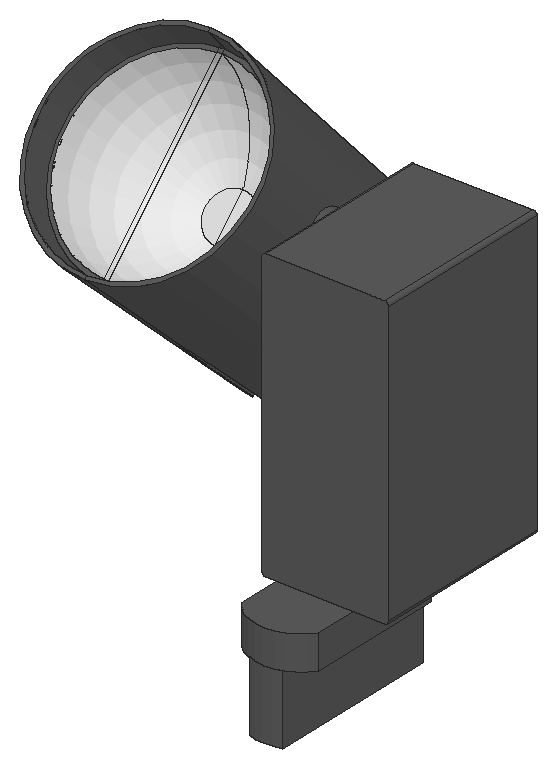
Revit family "0004897 Feilo Sylvania Lighting Fixture START TRACK SPOT S 14W 4K RA90 WB BLACK", category Lighting Fixtures, host Face, Revit 2017
Family settings
  Host = Face
  Round Connector Dimension = Use Diameter
  Part Type = Normal
  OmniClass Number = 23.80.70.00
  OmniClass Title = Lighting
  Cut with Voids When Loaded = No
  Light Source = No
  Shared = No
  Room Calculation Point = No
Parameters (values of type "0004897 START TRACK SPOT S 14W 4K RA90 WB BLACK")
  Weight = "0.94 kg"
  Wattage Comments = ""
  WarrantyStartDate [instance] = "n/a"
  WarrantyGuarantorParts = "n/a"
  WarrantyDurationUnit = "n/a"
  WarrantyDurationParts = "n/a"
  WarrantyDescription = "n/a"
  Voltage = 230 V
  URL = "http://www.sylvania-lighting.com"
  TypeName = "START TRACK SPOT S 14W 4K RA90 WB BLACK"
  TypeHead_FEILO = Start Track Spot Head : 0004897 START TRACK SPOT S 14W 4K RA90 WB BLACK
  TypeBox_FEILO = Start Track Spot Box : Type Small Black
  Type Image = <None>
  Type Comments = "n/a"
  VerticalRotation_FEILO [instance] = 0.00°
  SlideEndAngle_FEILO [instance] = VerticalRotation_FEILO + 180.00°  # 180.00°
  SerialNumber [instance] = "n/a"
  Material_3_FEILO = none
  PowerFactor = 0.92
  PowerConsumption = "14 W"
  NominalLength = 0 mm
  NominalHeight = 200 mm
  NominalDepth = 140 mm
  Name = "START TRACK SPOT S 14W 4K RA90 WB BLACK"
  ModelReference = Name  # "START TRACK SPOT S 14W 4K RA90 WB BLACK"
  ModelNumber = "0004897"
  Model = Name  # "START TRACK SPOT S 14W 4K RA90 WB BLACK"
  Material = "adc12 aluminium housing, polycarbonate diffuser"
  ManufacturerName = "Feilo Sylvania"
  Manufacturer = "Feilo Sylvania"
  LuminousEfficacy = "97 lm/W"
  LuminaireType = ""
  LightOutputRatio = "100"
  LampsType = Lamp  # "LED"
  LampNominalLuminous = "1352 lm"
  LampMacAdamStep = "3"
  LampColourTemperature = "4000 K"
  LampColourRenderingIndex = "90"
  Lamp = "LED"
  Keynote = "16500"
  InstallationDate [instance] = "n/a"
  InputVoltage = "230-240V~"
  InputNominalFrequency = "50/60 Hz"
  IngressProtection = "IP20"
  ImpactProtectionIndex = "IK02"
  IfcExportType = "IfcLightFixtureType"
  IfcExportAs = "IfcLightFixtureType"
  HorizontalRotation_FEILO [instance] = 45.00°
  ExpectedLife = 50000
  ElectricShockClassification = "Class II"
  DurationUnit = "hours"
  DocumentationLiterature = "http://www.sylvania-lighting.com/product/en-int/products/0004897"
  DimmingControlOptions = "Non dimmable"
  Material_2_FEILO = none
  Description = "Integrated LED spotlight, Textured Black - RAL9005, compact and minimalist design, ideal for retail applications, die-cast aluminium body, passive cooling heatsink. Beam angle: 64°, color temperature: 4000K , total system power: 14W, total fixture output: 1352 lm, LOR: 100%, colour rendering: Ra: 90 typical, LED Chromaticity: 3 step MacAdam ellipse, lifetime: >50000 hours at L70B50, energy class: A++, A+, A, IR/UV free light source without heat radiation, operating voltage: 220-240V / 50-60Hz, drive current: 350mA, electronic driver, non-dimmable, power factor: 0.92, electrical protection: Class II, Global Track 3 Phase adapter suitable for Global trac 3-circuit tracks, ingress protection rating: IP20, suitable for internal environment only, horizontal rotation: 355°, vertical tilt: 90°, dimensions: Ø86x140x200, weight: 0.940kg."
  Default Elevation = 1219.2 mm
  CreatedOn = "12/12/2017"
  CreatedBy = ""
  Cost = 0
  built-in parameter 1114216 [instance] = (empty or 0)
  ClassificationValue = "EF_70_80"
  ClassificationName = "Uniclass2015"
  Material_1_FEILO = Body-Sylvania-StartTrackSpot-Black
  BarCode [instance] = "n/a"
  AssetType = "Fixed"
  AssetIdentifier [instance] = "n/a"
  Assembly Code = "D5020200"
  Apparent Load = 14 VA
  Material_4_FEILO = none
Reference planes
  plane 1 "Center (Front/Back)": y = 0
  plane 2: z = 0
  plane 3 "Center (Left/Right)": x = 0
  plane 4: x = 15
  plane 5: x = -15
  plane 6: y = 35
  plane 7: y = -35
  plane 8: z = 13
  plane 9: z = -27
  plane 10: x = 6.5
  plane 11: x = -6.5
  plane 12: y = 27
  plane 13: y = -27
  plane 14: y = 20
Forms (mm)
  Extrusion 1, solid, material "Body-Sylvania-StartTrackSpot-Black" <- "Material_1_FEILO"
    sketch origin (0, 0, 0) x (1, 0, 0) y (0, 1, 0)
      loop
        line (-15, 27) -> (-15, -27)
        arc (-15, -27) -> (0, -35) -> (15, -27) r 18.062
        line (15, -27) -> (15, 27)
        arc (15, 27) -> (0, 35) -> (-15, 27) r 18.062
    from 0 to 13
  Extrusion 2, solid, material "Body-Sylvania-StartTrackSpot-Black" <- "Material_1_FEILO"
    sketch origin (0, 0, 0) x (1, 0, 0) y (0, 1, 0)
      loop
        arc (6.5, 33.79) -> (0, 35) -> (-6.5, 33.79) r 18.062
        line (-6.5, 33.79) -> (-6.5, -33.79)
        arc (-6.5, -33.79) -> (0, -35) -> (6.5, -33.79) r 18.062
        line (6.5, -33.79) -> (6.5, 33.79)
    from 0 to -27
  Revolve 3, solid, not visible
    sketch origin (1524, 20, 1219.2) x (1, 0, 0) y (0, 0, 1)
      loop
        line (-1524, -1206.2) -> (-1524, -1191.285) -> (-1530.5, -1191.285) -> (-1530.5, -1206.2) -> (-1524, -1206.2)
      axis (-1524, -1191.285) -> (-1524, -1206.2)
    angle from 0 <- "VerticalRotation_FEILO" to 180 <- "SlideEndAngle_FEILO"
Cuts and joins
  joined: Extrusion 1, Extrusion 2
Dimensions and locks
  equal spacing: plane 10, plane 3 "Center (Left/Right)", plane 11
  equal spacing: plane 4, plane 3 "Center (Left/Right)", plane 5
  locked: plane 8 to plane 2 at 13
  locked: plane 8 to plane 9 at 40
  equal spacing: plane 13, plane 1 "Center (Front/Back)", plane 12
  locked: plane 12 to plane 6 at 8
  locked: plane 14 to plane 6 at 15
  locked: Revolve 3 sketch curve to plane 8 at 14.915
  aligned and locked: plane 2 to host face
  aligned and locked: level to host face
  aligned and locked: plane 5 to Extrusion 1 sketch curve  (x2)
  aligned and locked: plane 12 to Extrusion 1 sketch curve
  aligned and locked: plane 13 to Extrusion 1 sketch curve
  aligned and locked: plane 4 to Extrusion 1 sketch curve
  aligned and locked: Extrusion 1 to plane 8
  aligned and locked: Extrusion 1 to level
  aligned and locked: Extrusion 2 sketch curve to Extrusion 1  (x2)
  aligned and locked: Extrusion 2 sketch curve to plane 11
  aligned and locked: plane 10 to Extrusion 2 sketch curve
  aligned and locked: plane 9 to Extrusion 2
  aligned and locked: level to Extrusion 2
  aligned and locked: Revolve 3 sketch curve to plane 3 "Center (Left/Right)"  (x2)
  aligned and locked: plane 11 to Revolve 3 sketch curve
  aligned and locked: Revolve 3 sketch curve to plane 8
Automatic sketch dimensions
  host sketch curve to host sketch curve = 2438.4 mm  (x2)
  Extrusion 1 sketch curve to plane 3 "Center (Left/Right)" = 0 mm  (x2)
  Extrusion 1 sketch curve to plane 13 = 10.062 mm
  plane 12 to Extrusion 1 sketch curve = 10.062 mm
  Revolve 3 sketch curve to plane 3 "Center (Left/Right)" = 0 mm
  plane 9 to Revolve 3 sketch curve = 582.6 mm
  Revolve 3 sketch curve to Revolve 3 sketch curve = 2581.144 mm
Nested families
  nested 1: "Start Track Spot Head" at (-62, 20, 112.529) x (0, 0.7071, 0.7071) z (0, 0.7071, -0.7071), type <- "TypeHead_FEILO", type "0004897 START TRACK SPOT S 14W 4K RA90 WB BLACK"
    with built-in parameter 1114216 (empty or 0)
  nested 2: "Start Track Spot Box" at (8.5, 20, 73) x (-1, 0, 0) z (0, -1, 0), BoxStartAngle_FEILO <- "HorizontalRotation_FEILO", type <- "TypeBox_FEILO", type "Type Small Black"
    with BoxStartAngle_FEILO 45.00°, BoxEndAngle_FEILO -135.00°
Connectors
  electrical at (0, 0, 0), driven by "Apparent Load", driven by "PowerFactor", driven by "Voltage"
    settings: index 1, voltage 230 V, apparent load 14 VA, apparent load phase1 0 VA, apparent load phase2 0 VA, apparent load phase3 0 VA, power factor 0.92, load classification "Lighting", number of poles 1, system type 30, power factor state 1, is connector primary yes, connector utility no, sub classification motor no, connector description ""
Definition of nested family "Start Track Spot Head"
  Parameters (values of type "0004811 START TRACK SPOT S 14W 3K RA80 NB WHITE")
    Wattage Comments = "n/a"
    Wattage = 14 W
    built-in parameter 1150110 = 1 (stored number, unit not read)
    URL = "http://www.feilosylvania.com"
    Type Image = (empty or 0)
    Type Comments = "n/a"
    built-in parameter 1114217 = 1 (stored number, unit not read)
    Tilt Angle = -90.00°
    built-in parameter 1150109 = 1 (stored number, unit not read)
    built-in parameter 1150134 = (empty or 0)
    built-in parameter 1150113 = 1 (stored number, unit not read)
    Photometric Web File = "0004811.ies"
    Material_3_FEILO = none
    Model = "START TRACK SPOT S 14W 3K RA80 NB WHITE"
    Manufacturer = "Feilo Sylvania"
    built-in parameter 1150105 = 123.66 (stored number, unit not read)
    Lumens = 1554 lm
    built-in parameter 1150115 = 1 (stored number, unit not read)
    built-in parameter 1150137 = (empty or 0)
    built-in parameter 1150139 = (empty or 0)
    built-in parameter 1150112 = 1 (stored number, unit not read)
    built-in parameter 1150114 = 1 (stored number, unit not read)
    Lamp = "LED"
    Keynote = "16500"
    Material_2_FEILO = none
    built-in parameter 1150132 = (empty or 0)
    built-in parameter 1150102 = (empty or 0)
    built-in parameter 1150107 = 3000 (stored number, unit not read)
    built-in parameter 1150138 = (empty or 0)
    built-in parameter 1150106 = 1.2366 (stored number, unit not read)
    HeadThickness_FEILO = if(HeadDiaOut_FEILO > 112 mm, 2 mm, 1.5 mm)  # 1.5 mm
    HeadRibOffset_FEILO = HeadHeight_FEILO / 28  # 4.179 mm
    HeadRibDepth_FEILO = HeadHeight_FEILO / 2.1  # 55.714 mm
    HeadRibCutWidth_FEILO = HeadDiaOut_FEILO / 12  # 7.167 mm
    HeadRibCutOffset_FEILO = HeadHeight_FEILO / 2.3  # 50.87 mm
    HeadReflectorRadius_FEILO = HeadDiaOut_FEILO / 1.7  # 50.588 mm
    HeadReflectorOffset_FEILO = HeadHeight_FEILO / 2.1  # 55.714 mm
    HeadLEDRadius_FEILO = HeadDiaOut_FEILO / 9  # 9.556 mm
    HeadHeight_FEILO = 117 mm
    HeadDraft_FEILO = 1 mm
    HeadDiffusorThickness_FEILO = 3 mm
    HeadDiffusorOffset_FEILO = HeadHeight_FEILO / 12.4  # 9.435 mm
    HeadDiaOut_FEILO = 86 mm
    HeadDiaIn_FEILO = HeadDiaOut_FEILO / 1.11  # 77.477 mm
    HeadAxisFromTop_FEILO = HeadHeight_FEILO / 1.687  # 69.354 mm
    Emit from Circle Diameter = HeadDiaIn_FEILO  # 77.477 mm
    Emit Shape Visible in Rendering = no
    built-in parameter 1150104 = 10.312 (stored number, unit not read)
    Dimming Lamp Color Temperature Shift = (empty or 0)
    Description = "Integrated LED spotlight, Textured White - RAL9016, compact and minimalist design, ideal for retail applications, die-cast aluminium body, passive cooling heatsink. Beam angle: 12°, color temperature: 3000K , total system power: 14W, total fixture output: 1551 lm, LOR: 100%, colour rendering: Ra: 80 typical, LED Chromaticity: 3 step MacAdam ellipse, lifetime: >50000 hours at L70B50, energy class: A++, A+, A, IR/UV free light source without heat radiation, operating voltage: 220-240V / 50-60Hz, drive current: 350mA, electronic driver, non-dimmable, power factor: 0.92, electrical protection: Class II, Global Track 3 Phase adapter suitable for Global trac 3-circuit tracks, ingress protection rating: IP20, suitable for internal environment only, horizontal rotation: 355°, vertical tilt: 90°, dimensions: Ø86x140x200, weight: 0.940kg."
    Default Elevation = 1219.2 mm
    Cost = 0
    Color Filter = 16777215
    built-in parameter 1114216 [instance] = (empty or 0)
    Material_1_FEILO = none
    built-in parameter 1114218 = 1 (stored number, unit not read)
    built-in parameter 1150133 = 10 (stored number, unit not read)
    Assembly Code = "D5020200"
    Apparent Load = 14 VA
    Material_4_FEILO = none
  Types (96, lengths in mm): name | Wattage | built-in parameter 1150134 | Photometric Web File | Model | built-in parameter 1150105 | Lumens | built-in parameter 1150107 | built-in parameter 1150106 | HeadThickness_FEILO | HeadRibOffset_FEILO | HeadRibDepth_FEILO | HeadRibCutWidth_FEILO | HeadRibCutOffset_FEILO | HeadReflectorRadius_FEILO | HeadReflectorOffset_FEILO | HeadLEDRadius_FEILO | HeadHeight_FEILO | HeadDiffusorOffset_FEILO | HeadDiaOut_FEILO | HeadDiaIn_FEILO | HeadAxisFromTop_FEILO | Emit from Circle Diameter | built-in parameter 1150104 | Description | Apparent Load
    0004906 START TRACK SPOT L 55W 4K RA90 WB BLACK | 55 W | 12 | "0004906.ies" | "START TRACK SPOT L 55W 4K RA90 WB BLACK" | 385.15 (stored number, unit not read) | 4840 lm | 4000 (stored number, unit not read) | 3.8515 (stored number, unit not read) | 2 | 4.429 | 59.048 | 9.417 | 53.913 | 66.471 | 59.048 | 12.556 | 124 | 10 | 113 | 101.802 | 73.503 | 101.802 | 8.1755 (stored number, unit not read) | "Integrated LED spotlight, Textured Black - RAL9005, compact and minimalist design, ideal for retail applications, die-cast aluminium body, passive cooling heatsink. Beam angle: 52°, color temperature: 4000K , total system power: 55W, total fixture output: 4824 lm, LOR: 100%, colour rendering: Ra: 90 typical, LED Chromaticity: 3 step MacAdam ellipse, lifetime: >50000 hours at L70B50, energy class: A++, A+, A, IR/UV free light source without heat radiation, operating voltage: 220-240V / 50-60Hz, drive current: 1400mA, electronic driver, non-dimmable, power factor: 0.96, electrical protection: Class II, Global Track 3 Phase adapter suitable for Global trac 3-circuit tracks, ingress protection rating: IP20, suitable for internal environment only, horizontal rotation: 355°, vertical tilt: 90°, dimensions: Ø113x164x240, weight: 1.398kg." | 55 VA
    0004905 START TRACK SPOT L 55W 4K RA90 MB BLACK | 55 W | 12 | "0004905.ies" | "START TRACK SPOT L 55W 4K RA90 MB BLACK" | 389.53 (stored number, unit not read) | 4895 lm | 4000 (stored number, unit not read) | 3.8953 (stored number, unit not read) | 2 | 4.429 | 59.048 | 9.417 | 53.913 | 66.471 | 59.048 | 12.556 | 124 | 10 | 113 | 101.802 | 73.503 | 101.802 | 8.2684 (stored number, unit not read) | "Integrated LED spotlight, Textured Black - RAL9005, compact and minimalist design, ideal for retail applications, die-cast aluminium body, passive cooling heatsink. Beam angle: 38°, color temperature: 4000K , total system power: 55W, total fixture output: 4897 lm, LOR: 100%, colour rendering: Ra: 90 typical, LED Chromaticity: 3 step MacAdam ellipse, lifetime: >50000 hours at L70B50, energy class: A++, A+, A, IR/UV free light source without heat radiation, operating voltage: 220-240V / 50-60Hz, drive current: 1400mA, electronic driver, non-dimmable, power factor: 0.96, electrical protection: Class II, Global Track 3 Phase adapter suitable for Global trac 3-circuit tracks, ingress protection rating: IP20, suitable for internal environment only, horizontal rotation: 355°, vertical tilt: 90°, dimensions: Ø113x164x240, weight: 1.398kg." | 55 VA
    0004904 START TRACK SPOT L 55W 4K RA90 NB BLACK | 55 W | 12 | "0004904.ies" | "START TRACK SPOT L 55W 4K RA90 NB BLACK" | 393.91 (stored number, unit not read) | 4950 lm | 4000 (stored number, unit not read) | 3.9391 (stored number, unit not read) | 2 | 4.429 | 59.048 | 9.417 | 53.913 | 66.471 | 59.048 | 12.556 | 124 | 10 | 113 | 101.802 | 73.503 | 101.802 | 8.3613 (stored number, unit not read) | "Integrated LED spotlight, Textured Black - RAL9005, compact and minimalist design, ideal for retail applications, die-cast aluminium body, passive cooling heatsink. Beam angle: 15°, color temperature: 4000K , total system power: 55W, total fixture output: 4965 lm, LOR: 100%, colour rendering: Ra: 90 typical, LED Chromaticity: 3 step MacAdam ellipse, lifetime: >50000 hours at L70B50, energy class: A++, A+, A, IR/UV free light source without heat radiation, operating voltage: 220-240V / 50-60Hz, drive current: 1400mA, electronic driver, non-dimmable, power factor: 0.96, electrical protection: Class II, Global Track 3 Phase adapter suitable for Global trac 3-circuit tracks, ingress protection rating: IP20, suitable for internal environment only, horizontal rotation: 355°, vertical tilt: 90°, dimensions: Ø113x164x240, weight: 1.398kg." | 55 VA
    0004903 START TRACK SPOT L 35W 4K RA90 WB BLACK | 35 W | 12 | "0004903.ies" | "START TRACK SPOT L 35W 4K RA90 WB BLACK" | 284.09 (stored number, unit not read) | 3570 lm | 4000 (stored number, unit not read) | 2.8409 (stored number, unit not read) | 2 | 4.429 | 59.048 | 9.417 | 53.913 | 66.471 | 59.048 | 12.556 | 124 | 10 | 113 | 101.802 | 73.503 | 101.802 | 9.4761 (stored number, unit not read) | "Integrated LED spotlight, Textured Black - RAL9005, compact and minimalist design, ideal for retail applications, die-cast aluminium body, passive cooling heatsink. Beam angle: 52°, color temperature: 4000K , total system power: 35W, total fixture output: 3562 lm, LOR: 100%, colour rendering: Ra: 90 typical, LED Chromaticity: 3 step MacAdam ellipse, lifetime: >50000 hours at L70B50, energy class: A++, A+, A, IR/UV free light source without heat radiation, operating voltage: 220-240V / 50-60Hz, drive current: 900mA, electronic driver, non-dimmable, power factor: 0.93, electrical protection: Class II, Global Track 3 Phase adapter suitable for Global trac 3-circuit tracks, ingress protection rating: IP20, suitable for internal environment only, horizontal rotation: 355°, vertical tilt: 90°, dimensions: Ø113x164x240, weight: 1.368kg." | 35 VA
    0004902 START TRACK SPOT L 35W 4K RA90 MB BLACK | 35 W | 12 | "0004902.ies" | "START TRACK SPOT L 35W 4K RA90 MB BLACK" | 286.88 (stored number, unit not read) | 3605 lm | 4000 (stored number, unit not read) | 2.8688 (stored number, unit not read) | 2 | 4.429 | 59.048 | 9.417 | 53.913 | 66.471 | 59.048 | 12.556 | 124 | 10 | 113 | 101.802 | 73.503 | 101.802 | 9.569 (stored number, unit not read) | "Integrated LED spotlight, Textured Black - RAL9005, compact and minimalist design, ideal for retail applications, die-cast aluminium body, passive cooling heatsink. Beam angle: 38°, color temperature: 4000K , total system power: 35W, total fixture output: 3616 lm, LOR: 100%, colour rendering: Ra: 90 typical, LED Chromaticity: 3 step MacAdam ellipse, lifetime: >50000 hours at L70B50, energy class: A++, A+, A, IR/UV free light source without heat radiation, operating voltage: 220-240V / 50-60Hz, drive current: 900mA, electronic driver, non-dimmable, power factor: 0.93, electrical protection: Class II, Global Track 3 Phase adapter suitable for Global trac 3-circuit tracks, ingress protection rating: IP20, suitable for internal environment only, horizontal rotation: 355°, vertical tilt: 90°, dimensions: Ø113x164x240, weight: 1.368kg." | 35 VA
    0004901 START TRACK SPOT L 35W 4K RA90 NB BLACK | 35 W | 12 | "0004901.ies" | "START TRACK SPOT L 35W 4K RA90 NB BLACK" | 286.88 (stored number, unit not read) | 3605 lm | 4000 (stored number, unit not read) | 2.8688 (stored number, unit not read) | 2 | 4.429 | 59.048 | 9.417 | 53.913 | 66.471 | 59.048 | 12.556 | 124 | 10 | 113 | 101.802 | 73.503 | 101.802 | 9.569 (stored number, unit not read) | "Integrated LED spotlight, Textured Black - RAL9005, compact and minimalist design, ideal for retail applications, die-cast aluminium body, passive cooling heatsink. Beam angle: 15°, color temperature: 4000K , total system power: 35W, total fixture output: 3593 lm, LOR: 100%, colour rendering: Ra: 90 typical, LED Chromaticity: 3 step MacAdam ellipse, lifetime: >50000 hours at L70B50, energy class: A++, A+, A, IR/UV free light source without heat radiation, operating voltage: 220-240V / 50-60Hz, drive current: 900mA, electronic driver, non-dimmable, power factor: 0.93, electrical protection: Class II, Global Track 3 Phase adapter suitable for Global trac 3-circuit tracks, ingress protection rating: IP20, suitable for internal environment only, horizontal rotation: 355°, vertical tilt: 90°, dimensions: Ø113x164x240, weight: 1.368kg." | 35 VA
    0004900 START TRACK SPOT S 24W 4K RA90 WB BLACK | 24 W | 12 | "0004900.ies" | "START TRACK SPOT S 24W 4K RA90 WB BLACK" | 166.16 (stored number, unit not read) | 2088 lm | 4000 (stored number, unit not read) | 1.6616 (stored number, unit not read) | 1.5 | 4.179 | 55.714 | 7.167 | 50.87 | 50.588 | 55.714 | 9.556 | 117 | 9.435 | 86 | 77.477 | 69.354 | 77.477 | 8.0826 (stored number, unit not read) | "Integrated LED spotlight, Textured Black - RAL9005, compact and minimalist design, ideal for retail applications, die-cast aluminium body, passive cooling heatsink. Beam angle: 64°, color temperature: 4000K , total system power: 24W, total fixture output: 2087 lm, LOR: 100%, colour rendering: Ra: 90 typical, LED Chromaticity: 3 step MacAdam ellipse, lifetime: >50000 hours at L70B50, energy class: A++, A+, A, IR/UV free light source without heat radiation, operating voltage: 220-240V / 50-60Hz, drive current: 600mA, electronic driver, non-dimmable, power factor: 0.95, electrical protection: Class II, Global Track 3 Phase adapter suitable for Global trac 3-circuit tracks, ingress protection rating: IP20, suitable for internal environment only, horizontal rotation: 355°, vertical tilt: 90°, dimensions: Ø86x140x200, weight: 0.966kg." | 24 VA
    0004899 START TRACK SPOT S 24W 4K RA90 MB BLACK | 24 W | 12 | "0004899.ies" | "START TRACK SPOT S 24W 4K RA90 MB BLACK" | 169.98 (stored number, unit not read) | 2136 lm | 4000 (stored number, unit not read) | 1.6998 (stored number, unit not read) | 1.5 | 4.179 | 55.714 | 7.167 | 50.87 | 50.588 | 55.714 | 9.556 | 117 | 9.435 | 86 | 77.477 | 69.354 | 77.477 | 8.2684 (stored number, unit not read) | "Integrated LED spotlight, Textured Black - RAL9005, compact and minimalist design, ideal for retail applications, die-cast aluminium body, passive cooling heatsink. Beam angle: 36°, color temperature: 4000K , total system power: 24W, total fixture output: 2141 lm, LOR: 100%, colour rendering: Ra: 90 typical, LED Chromaticity: 3 step MacAdam ellipse, lifetime: >50000 hours at L70B50, energy class: A++, A+, A, IR/UV free light source without heat radiation, operating voltage: 220-240V / 50-60Hz, drive current: 600mA, electronic driver, non-dimmable, power factor: 0.95, electrical protection: Class II, Global Track 3 Phase adapter suitable for Global trac 3-circuit tracks, ingress protection rating: IP20, suitable for internal environment only, horizontal rotation: 355°, vertical tilt: 90°, dimensions: Ø86x140x200, weight: 0.966kg." | 24 VA
    0004898 START TRACK SPOT S 24W 4K RA90 NB BLACK | 24 W | 12 | "0004898.ies" | "START TRACK SPOT S 24W 4K RA90 NB BLACK" | 171.89 (stored number, unit not read) | 2160 lm | 4000 (stored number, unit not read) | 1.7189 (stored number, unit not read) | 1.5 | 4.179 | 55.714 | 7.167 | 50.87 | 50.588 | 55.714 | 9.556 | 117 | 9.435 | 86 | 77.477 | 69.354 | 77.477 | 8.3613 (stored number, unit not read) | "Integrated LED spotlight, Textured Black - RAL9005, compact and minimalist design, ideal for retail applications, die-cast aluminium body, passive cooling heatsink. Beam angle: 12°, color temperature: 4000K , total system power: 24W, total fixture output: 2155 lm, LOR: 100%, colour rendering: Ra: 90 typical, LED Chromaticity: 3 step MacAdam ellipse, lifetime: >50000 hours at L70B50, energy class: A++, A+, A, IR/UV free light source without heat radiation, operating voltage: 220-240V / 50-60Hz, drive current: 600mA, electronic driver, non-dimmable, power factor: 0.95, electrical protection: Class II, Global Track 3 Phase adapter suitable for Global trac 3-circuit tracks, ingress protection rating: IP20, suitable for internal environment only, horizontal rotation: 355°, vertical tilt: 90°, dimensions: Ø86x140x200, weight: 0.966kg." | 24 VA
    0004897 START TRACK SPOT S 14W 4K RA90 WB BLACK | 14 W | 12 | "0004897.ies" | "START TRACK SPOT S 14W 4K RA90 WB BLACK" | 108.07 (stored number, unit not read) | 1358 lm | 4000 (stored number, unit not read) | 1.0807 (stored number, unit not read) | 1.5 | 4.179 | 55.714 | 7.167 | 50.87 | 50.588 | 55.714 | 9.556 | 117 | 9.435 | 86 | 77.477 | 69.354 | 77.477 | 9.0116 (stored number, unit not read) | "Integrated LED spotlight, Textured Black - RAL9005, compact and minimalist design, ideal for retail applications, die-cast aluminium body, passive cooling heatsink. Beam angle: 64°, color temperature: 4000K , total system power: 14W, total fixture output: 1352 lm, LOR: 100%, colour rendering: Ra: 90 typical, LED Chromaticity: 3 step MacAdam ellipse, lifetime: >50000 hours at L70B50, energy class: A++, A+, A, IR/UV free light source without heat radiation, operating voltage: 220-240V / 50-60Hz, drive current: 350mA, electronic driver, non-dimmable, power factor: 0.92, electrical protection: Class II, Global Track 3 Phase adapter suitable for Global trac 3-circuit tracks, ingress protection rating: IP20, suitable for internal environment only, horizontal rotation: 355°, vertical tilt: 90°, dimensions: Ø86x140x200, weight: 0.940kg." | 14 VA
    0004896 START TRACK SPOT S 14W 4K RA90 MB BLACK | 14 W | 12 | "0004896.ies" | "START TRACK SPOT S 14W 4K RA90 MB BLACK" | 108.07 (stored number, unit not read) | 1358 lm | 4000 (stored number, unit not read) | 1.0807 (stored number, unit not read) | 1.5 | 4.179 | 55.714 | 7.167 | 50.87 | 50.588 | 55.714 | 9.556 | 117 | 9.435 | 86 | 77.477 | 69.354 | 77.477 | 9.0116 (stored number, unit not read) | "Integrated LED spotlight, Textured Black - RAL9005, compact and minimalist design, ideal for retail applications, die-cast aluminium body, passive cooling heatsink. Beam angle: 36°, color temperature: 4000K , total system power: 14W, total fixture output: 1359 lm, LOR: 100%, colour rendering: Ra: 90 typical, LED Chromaticity: 3 step MacAdam ellipse, lifetime: >50000 hours at L70B50, energy class: A++, A+, A, IR/UV free light source without heat radiation, operating voltage: 220-240V / 50-60Hz, drive current: 350mA, electronic driver, non-dimmable, power factor: 0.92, electrical protection: Class II, Global Track 3 Phase adapter suitable for Global trac 3-circuit tracks, ingress protection rating: IP20, suitable for internal environment only, horizontal rotation: 355°, vertical tilt: 90°, dimensions: Ø86x140x200, weight: 0.940kg." | 14 VA
    0004895 START TRACK SPOT S 14W 4K RA90 NB BLACK | 14 W | 12 | "0004895.ies" | "START TRACK SPOT S 14W 4K RA90 NB BLACK" | 106.95 (stored number, unit not read) | 1344 lm | 4000 (stored number, unit not read) | 1.0695 (stored number, unit not read) | 1.5 | 4.179 | 55.714 | 7.167 | 50.87 | 50.588 | 55.714 | 9.556 | 117 | 9.435 | 86 | 77.477 | 69.354 | 77.477 | 8.9187 (stored number, unit not read) | "Integrated LED spotlight, Textured Black - RAL9005, compact and minimalist design, ideal for retail applications, die-cast aluminium body, passive cooling heatsink. Beam angle: 12°, color temperature: 4000K , total system power: 14W, total fixture output: 1349 lm, LOR: 100%, colour rendering: Ra: 90 typical, LED Chromaticity: 3 step MacAdam ellipse, lifetime: >50000 hours at L70B50, energy class: A++, A+, A, IR/UV free light source without heat radiation, operating voltage: 220-240V / 50-60Hz, drive current: 350mA, electronic driver, non-dimmable, power factor: 0.92, electrical protection: Class II, Global Track 3 Phase adapter suitable for Global trac 3-circuit tracks, ingress protection rating: IP20, suitable for internal environment only, horizontal rotation: 355°, vertical tilt: 90°, dimensions: Ø86x140x200, weight: 0.940kg." | 14 VA
    0004894 START TRACK SPOT L 55W 3K RA90 WB BLACK | 55 W | (empty or 0) | "0004894.ies" | "START TRACK SPOT L 55W 3K RA90 WB BLACK" | 350.14 (stored number, unit not read) | 4400 lm | 3000 (stored number, unit not read) | 3.5014 (stored number, unit not read) | 2 | 4.429 | 59.048 | 9.417 | 53.913 | 66.471 | 59.048 | 12.556 | 124 | 10 | 113 | 101.802 | 73.503 | 101.802 | 7.4322 (stored number, unit not read) | "Integrated LED spotlight, Textured Black - RAL9005, compact and minimalist design, ideal for retail applications, die-cast aluminium body, passive cooling heatsink. Beam angle: 52°, color temperature: 3000K , total system power: 55W, total fixture output: 4405 lm, LOR: 100%, colour rendering: Ra: 90 typical, LED Chromaticity: 3 step MacAdam ellipse, lifetime: >50000 hours at L70B50, energy class: A++, A+, A, IR/UV free light source without heat radiation, operating voltage: 220-240V / 50-60Hz, drive current: 1400mA, electronic driver, non-dimmable, power factor: 0.96, electrical protection: Class II, Global Track 3 Phase adapter suitable for Global trac 3-circuit tracks, ingress protection rating: IP20, suitable for internal environment only, horizontal rotation: 355°, vertical tilt: 90°, dimensions: Ø113x164x240, weight: 1.398kg." | 55 VA
    0004893 START TRACK SPOT L 55W 3K RA90 MB BLACK | 55 W | (empty or 0) | "0004893.ies" | "START TRACK SPOT L 55W 3K RA90 MB BLACK" | 354.52 (stored number, unit not read) | 4455 lm | 3000 (stored number, unit not read) | 3.5452 (stored number, unit not read) | 2 | 4.429 | 59.048 | 9.417 | 53.913 | 66.471 | 59.048 | 12.556 | 124 | 10 | 113 | 101.802 | 73.503 | 101.802 | 7.5251 (stored number, unit not read) | "Integrated LED spotlight, Textured Black - RAL9005, compact and minimalist design, ideal for retail applications, die-cast aluminium body, passive cooling heatsink. Beam angle: 38°, color temperature: 3000K , total system power: 55W, total fixture output: 4448 lm, LOR: 100%, colour rendering: Ra: 90 typical, LED Chromaticity: 3 step MacAdam ellipse, lifetime: >50000 hours at L70B50, energy class: A++, A+, A, IR/UV free light source without heat radiation, operating voltage: 220-240V / 50-60Hz, drive current: 1400mA, electronic driver, non-dimmable, power factor: 0.96, electrical protection: Class II, Global Track 3 Phase adapter suitable for Global trac 3-circuit tracks, ingress protection rating: IP20, suitable for internal environment only, horizontal rotation: 355°, vertical tilt: 90°, dimensions: Ø113x164x240, weight: 1.398kg." | 55 VA
    0004892 START TRACK SPOT L 55W 3K RA90 NB BLACK | 55 W | (empty or 0) | "0004892.ies" | "START TRACK SPOT L 55W 3K RA90 NB BLACK" | 350.14 (stored number, unit not read) | 4400 lm | 3000 (stored number, unit not read) | 3.5014 (stored number, unit not read) | 2 | 4.429 | 59.048 | 9.417 | 53.913 | 66.471 | 59.048 | 12.556 | 124 | 10 | 113 | 101.802 | 73.503 | 101.802 | 7.4322 (stored number, unit not read) | "Integrated LED spotlight, Textured Black - RAL9005, compact and minimalist design, ideal for retail applications, die-cast aluminium body, passive cooling heatsink. Beam angle: 15°, color temperature: 3000K , total system power: 55W, total fixture output: 4416 lm, LOR: 100%, colour rendering: Ra: 90 typical, LED Chromaticity: 3 step MacAdam ellipse, lifetime: >50000 hours at L70B50, energy class: A++, A+, A, IR/UV free light source without heat radiation, operating voltage: 220-240V / 50-60Hz, drive current: 1400mA, electronic driver, non-dimmable, power factor: 0.96, electrical protection: Class II, Global Track 3 Phase adapter suitable for Global trac 3-circuit tracks, ingress protection rating: IP20, suitable for internal environment only, horizontal rotation: 355°, vertical tilt: 90°, dimensions: Ø113x164x240, weight: 1.398kg." | 55 VA
    0004891 START TRACK SPOT L 35W 3K RA90 WB BLACK | 35 W | (empty or 0) | "0004891.ies" | "START TRACK SPOT L 35W 3K RA90 WB BLACK" | 259.02 (stored number, unit not read) | 3255 lm | 3000 (stored number, unit not read) | 2.5902 (stored number, unit not read) | 2 | 4.429 | 59.048 | 9.417 | 53.913 | 66.471 | 59.048 | 12.556 | 124 | 10 | 113 | 101.802 | 73.503 | 101.802 | 8.64 (stored number, unit not read) | "Integrated LED spotlight, Textured Black - RAL9005, compact and minimalist design, ideal for retail applications, die-cast aluminium body, passive cooling heatsink. Beam angle: 52°, color temperature: 3000K , total system power: 35W, total fixture output: 3260 lm, LOR: 100%, colour rendering: Ra: 90 typical, LED Chromaticity: 3 step MacAdam ellipse, lifetime: >50000 hours at L70B50, energy class: A++, A+, A, IR/UV free light source without heat radiation, operating voltage: 220-240V / 50-60Hz, drive current: 900mA, electronic driver, non-dimmable, power factor: 0.93, electrical protection: Class II, Global Track 3 Phase adapter suitable for Global trac 3-circuit tracks, ingress protection rating: IP20, suitable for internal environment only, horizontal rotation: 355°, vertical tilt: 90°, dimensions: Ø113x164x240, weight: 1.368kg." | 35 VA
    0004890 START TRACK SPOT L 35W 3K RA90 MB BLACK | 35 W | (empty or 0) | "0004890.ies" | "START TRACK SPOT L 35W 3K RA90 MB BLACK" | 261.81 (stored number, unit not read) | 3290 lm | 3000 (stored number, unit not read) | 2.6181 (stored number, unit not read) | 2 | 4.429 | 59.048 | 9.417 | 53.913 | 66.471 | 59.048 | 12.556 | 124 | 10 | 113 | 101.802 | 73.503 | 101.802 | 8.7329 (stored number, unit not read) | "Integrated LED spotlight, Textured Black - RAL9005, compact and minimalist design, ideal for retail applications, die-cast aluminium body, passive cooling heatsink. Beam angle: 38°, color temperature: 3000K , total system power: 35W, total fixture output: 3306 lm, LOR: 100%, colour rendering: Ra: 90 typical, LED Chromaticity: 3 step MacAdam ellipse, lifetime: >50000 hours at L70B50, energy class: A++, A+, A, IR/UV free light source without heat radiation, operating voltage: 220-240V / 50-60Hz, drive current: 900mA, electronic driver, non-dimmable, power factor: 0.93, electrical protection: Class II, Global Track 3 Phase adapter suitable for Global trac 3-circuit tracks, ingress protection rating: IP20, suitable for internal environment only, horizontal rotation: 355°, vertical tilt: 90°, dimensions: Ø113x164x240, weight: 1.368kg." | 35 VA
    0004889 START TRACK SPOT L 35W 3K RA90 NB BLACK | 35 W | (empty or 0) | "0004889.ies" | "START TRACK SPOT L 35W 3K RA90 NB BLACK" | 261.81 (stored number, unit not read) | 3290 lm | 3000 (stored number, unit not read) | 2.6181 (stored number, unit not read) | 2 | 4.429 | 59.048 | 9.417 | 53.913 | 66.471 | 59.048 | 12.556 | 124 | 10 | 113 | 101.802 | 73.503 | 101.802 | 8.7329 (stored number, unit not read) | "Integrated LED spotlight, Textured Black - RAL9005, compact and minimalist design, ideal for retail applications, die-cast aluminium body, passive cooling heatsink. Beam angle: 15°, color temperature: 3000K , total system power: 35W, total fixture output: 3287 lm, LOR: 100%, colour rendering: Ra: 90 typical, LED Chromaticity: 3 step MacAdam ellipse, lifetime: >50000 hours at L70B50, energy class: A++, A+, A, IR/UV free light source without heat radiation, operating voltage: 220-240V / 50-60Hz, drive current: 900mA, electronic driver, non-dimmable, power factor: 0.93, electrical protection: Class II, Global Track 3 Phase adapter suitable for Global trac 3-circuit tracks, ingress protection rating: IP20, suitable for internal environment only, horizontal rotation: 355°, vertical tilt: 90°, dimensions: Ø113x164x240, weight: 1.368kg." | 35 VA
    0004888 START TRACK SPOT S 24W 3K RA90 WB BLACK | 24 W | (empty or 0) | "0004888.ies" | "START TRACK SPOT S 24W 3K RA90 WB BLACK" | 152.79 (stored number, unit not read) | 1920 lm | 3000 (stored number, unit not read) | 1.5279 (stored number, unit not read) | 1.5 | 4.179 | 55.714 | 7.167 | 50.87 | 50.588 | 55.714 | 9.556 | 117 | 9.435 | 86 | 77.477 | 69.354 | 77.477 | 7.4322 (stored number, unit not read) | "Integrated LED spotlight, Textured Black - RAL9005, compact and minimalist design, ideal for retail applications, die-cast aluminium body, passive cooling heatsink. Beam angle: 64°, color temperature: 3000K , total system power: 24W, total fixture output: 1928 lm, LOR: 100%, colour rendering: Ra: 90 typical, LED Chromaticity: 3 step MacAdam ellipse, lifetime: >50000 hours at L70B50, energy class: A++, A+, A, IR/UV free light source without heat radiation, operating voltage: 220-240V / 50-60Hz, drive current: 600mA, electronic driver, non-dimmable, power factor: 0.95, electrical protection: Class II, Global Track 3 Phase adapter suitable for Global trac 3-circuit tracks, ingress protection rating: IP20, suitable for internal environment only, horizontal rotation: 355°, vertical tilt: 90°, dimensions: Ø86x140x200, weight: 0.966kg." | 24 VA
    0004887 START TRACK SPOT S 24W 3K RA90 MB BLACK | 24 W | (empty or 0) | "0004887.ies" | "START TRACK SPOT S 24W 3K RA90 MB BLACK" | 154.7 (stored number, unit not read) | 1944 lm | 3000 (stored number, unit not read) | 1.547 (stored number, unit not read) | 1.5 | 4.179 | 55.714 | 7.167 | 50.87 | 50.588 | 55.714 | 9.556 | 117 | 9.435 | 86 | 77.477 | 69.354 | 77.477 | 7.5251 (stored number, unit not read) | "Integrated LED spotlight, Textured Black - RAL9005, compact and minimalist design, ideal for retail applications, die-cast aluminium body, passive cooling heatsink. Beam angle: 36°, color temperature: 3000K , total system power: 24W, total fixture output: 1944 lm, LOR: 100%, colour rendering: Ra: 90 typical, LED Chromaticity: 3 step MacAdam ellipse, lifetime: >50000 hours at L70B50, energy class: A++, A+, A, IR/UV free light source without heat radiation, operating voltage: 220-240V / 50-60Hz, drive current: 600mA, electronic driver, non-dimmable, power factor: 0.95, electrical protection: Class II, Global Track 3 Phase adapter suitable for Global trac 3-circuit tracks, ingress protection rating: IP20, suitable for internal environment only, horizontal rotation: 355°, vertical tilt: 90°, dimensions: Ø86x140x200, weight: 0.966kg." | 24 VA
    0004886 START TRACK SPOT S 24W 3K RA90 NB BLACK | 24 W | (empty or 0) | "0004886.ies" | "START TRACK SPOT S 24W 3K RA90 NB BLACK" | 158.52 (stored number, unit not read) | 1992 lm | 3000 (stored number, unit not read) | 1.5852 (stored number, unit not read) | 1.5 | 4.179 | 55.714 | 7.167 | 50.87 | 50.588 | 55.714 | 9.556 | 117 | 9.435 | 86 | 77.477 | 69.354 | 77.477 | 7.711 (stored number, unit not read) | "Integrated LED spotlight, Textured Black - RAL9005, compact and minimalist design, ideal for retail applications, die-cast aluminium body, passive cooling heatsink. Beam angle: 12°, color temperature: 3000K , total system power: 24W, total fixture output: 1987 lm, LOR: 100%, colour rendering: Ra: 90 typical, LED Chromaticity: 3 step MacAdam ellipse, lifetime: >50000 hours at L70B50, energy class: A++, A+, A, IR/UV free light source without heat radiation, operating voltage: 220-240V / 50-60Hz, drive current: 600mA, electronic driver, non-dimmable, power factor: 0.95, electrical protection: Class II, Global Track 3 Phase adapter suitable for Global trac 3-circuit tracks, ingress protection rating: IP20, suitable for internal environment only, horizontal rotation: 355°, vertical tilt: 90°, dimensions: Ø86x140x200, weight: 0.966kg." | 24 VA
    0004885 START TRACK SPOT S 14W 3K RA90 WB BLACK | 14 W | (empty or 0) | "0004885.ies" | "START TRACK SPOT S 14W 3K RA90 WB BLACK" | 100.27 (stored number, unit not read) | 1260 lm | 3000 (stored number, unit not read) | 1.0027 (stored number, unit not read) | 1.5 | 4.179 | 55.714 | 7.167 | 50.87 | 50.588 | 55.714 | 9.556 | 117 | 9.435 | 86 | 77.477 | 69.354 | 77.477 | 8.3613 (stored number, unit not read) | "Integrated LED spotlight, Textured Black - RAL9005, compact and minimalist design, ideal for retail applications, die-cast aluminium body, passive cooling heatsink. Beam angle: 64°, color temperature: 3000K , total system power: 14W, total fixture output: 1262 lm, LOR: 100%, colour rendering: Ra: 90 typical, LED Chromaticity: 3 step MacAdam ellipse, lifetime: >50000 hours at L70B50, energy class: A++, A+, A, IR/UV free light source without heat radiation, operating voltage: 220-240V / 50-60Hz, drive current: 350mA, electronic driver, non-dimmable, power factor: 0.92, electrical protection: Class II, Global Track 3 Phase adapter suitable for Global trac 3-circuit tracks, ingress protection rating: IP20, suitable for internal environment only, horizontal rotation: 355°, vertical tilt: 90°, dimensions: Ø86x140x200, weight: 0.940kg." | 14 VA
    0004884 START TRACK SPOT S 14W 3K RA90 MB BLACK | 14 W | (empty or 0) | "0004884.ies" | "START TRACK SPOT S 14W 3K RA90 MB BLACK" | 100.27 (stored number, unit not read) | 1260 lm | 3000 (stored number, unit not read) | 1.0027 (stored number, unit not read) | 1.5 | 4.179 | 55.714 | 7.167 | 50.87 | 50.588 | 55.714 | 9.556 | 117 | 9.435 | 86 | 77.477 | 69.354 | 77.477 | 8.3613 (stored number, unit not read) | "Integrated LED spotlight, Textured Black - RAL9005, compact and minimalist design, ideal for retail applications, die-cast aluminium body, passive cooling heatsink. Beam angle: 36°, color temperature: 3000K , total system power: 14W, total fixture output: 1262 lm, LOR: 100%, colour rendering: Ra: 90 typical, LED Chromaticity: 3 step MacAdam ellipse, lifetime: >50000 hours at L70B50, energy class: A++, A+, A, IR/UV free light source without heat radiation, operating voltage: 220-240V / 50-60Hz, drive current: 350mA, electronic driver, non-dimmable, power factor: 0.92, electrical protection: Class II, Global Track 3 Phase adapter suitable for Global trac 3-circuit tracks, ingress protection rating: IP20, suitable for internal environment only, horizontal rotation: 355°, vertical tilt: 90°, dimensions: Ø86x140x200, weight: 0.940kg." | 14 VA
    0004883 START TRACK SPOT S 14W 3K RA90 NB BLACK | 14 W | (empty or 0) | "0004883.ies" | "START TRACK SPOT S 14W 3K RA90 NB BLACK" | 102.5 (stored number, unit not read) | 1288 lm | 3000 (stored number, unit not read) | 1.025 (stored number, unit not read) | 1.5 | 4.179 | 55.714 | 7.167 | 50.87 | 50.588 | 55.714 | 9.556 | 117 | 9.435 | 86 | 77.477 | 69.354 | 77.477 | 8.5471 (stored number, unit not read) | "Integrated LED spotlight, Textured Black - RAL9005, compact and minimalist design, ideal for retail applications, die-cast aluminium body, passive cooling heatsink. Beam angle: 12°, color temperature: 3000K , total system power: 14W, total fixture output: 1284 lm, LOR: 100%, colour rendering: Ra: 90 typical, LED Chromaticity: 3 step MacAdam ellipse, lifetime: >50000 hours at L70B50, energy class: A++, A+, A, IR/UV free light source without heat radiation, operating voltage: 220-240V / 50-60Hz, drive current: 350mA, electronic driver, non-dimmable, power factor: 0.92, electrical protection: Class II, Global Track 3 Phase adapter suitable for Global trac 3-circuit tracks, ingress protection rating: IP20, suitable for internal environment only, horizontal rotation: 355°, vertical tilt: 90°, dimensions: Ø86x140x200, weight: 0.940kg." | 14 VA
    0004882 START TRACK SPOT L 55W 4K RA90 WB WHITE | 55 W | 12 | "0004882.ies" | "START TRACK SPOT L 55W 4K RA90 WB WHITE" | 385.15 (stored number, unit not read) | 4840 lm | 4000 (stored number, unit not read) | 3.8515 (stored number, unit not read) | 2 | 4.429 | 59.048 | 9.417 | 53.913 | 66.471 | 59.048 | 12.556 | 124 | 10 | 113 | 101.802 | 73.503 | 101.802 | 8.1755 (stored number, unit not read) | "Integrated LED spotlight, Textured White - RAL9016, compact and minimalist design, ideal for retail applications, die-cast aluminium body, passive cooling heatsink. Beam angle: 52°, color temperature: 4000K , total system power: 55W, total fixture output: 4824 lm, LOR: 100%, colour rendering: Ra: 90 typical, LED Chromaticity: 3 step MacAdam ellipse, lifetime: >50000 hours at L70B50, energy class: A++, A+, A, IR/UV free light source without heat radiation, operating voltage: 220-240V / 50-60Hz, drive current: 1400mA, electronic driver, non-dimmable, power factor: 0.96, electrical protection: Class II, Global Track 3 Phase adapter suitable for Global trac 3-circuit tracks, ingress protection rating: IP20, suitable for internal environment only, horizontal rotation: 355°, vertical tilt: 90°, dimensions: Ø113x164x240, weight: 1.398kg." | 55 VA
    0004881 START TRACK SPOT L 55W 4K RA90 MB WHITE | 55 W | 12 | "0004881.ies" | "START TRACK SPOT L 55W 4K RA90 MB WHITE" | 389.53 (stored number, unit not read) | 4895 lm | 4000 (stored number, unit not read) | 3.8953 (stored number, unit not read) | 2 | 4.429 | 59.048 | 9.417 | 53.913 | 66.471 | 59.048 | 12.556 | 124 | 10 | 113 | 101.802 | 73.503 | 101.802 | 8.2684 (stored number, unit not read) | "Integrated LED spotlight, Textured White - RAL9016, compact and minimalist design, ideal for retail applications, die-cast aluminium body, passive cooling heatsink. Beam angle: 38°, color temperature: 4000K , total system power: 55W, total fixture output: 4897 lm, LOR: 100%, colour rendering: Ra: 90 typical, LED Chromaticity: 3 step MacAdam ellipse, lifetime: >50000 hours at L70B50, energy class: A++, A+, A, IR/UV free light source without heat radiation, operating voltage: 220-240V / 50-60Hz, drive current: 1400mA, electronic driver, non-dimmable, power factor: 0.96, electrical protection: Class II, Global Track 3 Phase adapter suitable for Global trac 3-circuit tracks, ingress protection rating: IP20, suitable for internal environment only, horizontal rotation: 355°, vertical tilt: 90°, dimensions: Ø113x164x240, weight: 1.398kg." | 55 VA
    0004880 START TRACK SPOT L 55W 4K RA90 NB WHITE | 55 W | 12 | "0004880.ies" | "START TRACK SPOT L 55W 4K RA90 NB WHITE" | 393.91 (stored number, unit not read) | 4950 lm | 4000 (stored number, unit not read) | 3.9391 (stored number, unit not read) | 2 | 4.429 | 59.048 | 9.417 | 53.913 | 66.471 | 59.048 | 12.556 | 124 | 10 | 113 | 101.802 | 73.503 | 101.802 | 8.3613 (stored number, unit not read) | "Integrated LED spotlight, Textured White - RAL9016, compact and minimalist design, ideal for retail applications, die-cast aluminium body, passive cooling heatsink. Beam angle: 15°, color temperature: 4000K , total system power: 55W, total fixture output: 4965 lm, LOR: 100%, colour rendering: Ra: 90 typical, LED Chromaticity: 3 step MacAdam ellipse, lifetime: >50000 hours at L70B50, energy class: A++, A+, A, IR/UV free light source without heat radiation, operating voltage: 220-240V / 50-60Hz, drive current: 1400mA, electronic driver, non-dimmable, power factor: 0.96, electrical protection: Class II, Global Track 3 Phase adapter suitable for Global trac 3-circuit tracks, ingress protection rating: IP20, suitable for internal environment only, horizontal rotation: 355°, vertical tilt: 90°, dimensions: Ø113x164x240, weight: 1.398kg." | 55 VA
    0004879 START TRACK SPOT L 35W 4K RA90 WB WHITE | 35 W | 12 | "0004879.ies" | "START TRACK SPOT L 35W 4K RA90 WB WHITE" | 284.09 (stored number, unit not read) | 3570 lm | 4000 (stored number, unit not read) | 2.8409 (stored number, unit not read) | 2 | 4.429 | 59.048 | 9.417 | 53.913 | 66.471 | 59.048 | 12.556 | 124 | 10 | 113 | 101.802 | 73.503 | 101.802 | 9.4761 (stored number, unit not read) | "Integrated LED spotlight, Textured White - RAL9016, compact and minimalist design, ideal for retail applications, die-cast aluminium body, passive cooling heatsink. Beam angle: 52°, color temperature: 4000K , total system power: 35W, total fixture output: 3562 lm, LOR: 100%, colour rendering: Ra: 90 typical, LED Chromaticity: 3 step MacAdam ellipse, lifetime: >50000 hours at L70B50, energy class: A++, A+, A, IR/UV free light source without heat radiation, operating voltage: 220-240V / 50-60Hz, drive current: 900mA, electronic driver, non-dimmable, power factor: 0.93, electrical protection: Class II, Global Track 3 Phase adapter suitable for Global trac 3-circuit tracks, ingress protection rating: IP20, suitable for internal environment only, horizontal rotation: 355°, vertical tilt: 90°, dimensions: Ø113x164x240, weight: 1.368kg." | 35 VA
    0004878 START TRACK SPOT L 35W 4K RA90 MB WHITE | 35 W | 12 | "0004878.ies" | "START TRACK SPOT L 35W 4K RA90 MB WHITE" | 286.88 (stored number, unit not read) | 3605 lm | 4000 (stored number, unit not read) | 2.8688 (stored number, unit not read) | 2 | 4.429 | 59.048 | 9.417 | 53.913 | 66.471 | 59.048 | 12.556 | 124 | 10 | 113 | 101.802 | 73.503 | 101.802 | 9.569 (stored number, unit not read) | "Integrated LED spotlight, Textured White - RAL9016, compact and minimalist design, ideal for retail applications, die-cast aluminium body, passive cooling heatsink. Beam angle: 38°, color temperature: 4000K , total system power: 35W, total fixture output: 3616 lm, LOR: 100%, colour rendering: Ra: 90 typical, LED Chromaticity: 3 step MacAdam ellipse, lifetime: >50000 hours at L70B50, energy class: A++, A+, A, IR/UV free light source without heat radiation, operating voltage: 220-240V / 50-60Hz, drive current: 900mA, electronic driver, non-dimmable, power factor: 0.93, electrical protection: Class II, Global Track 3 Phase adapter suitable for Global trac 3-circuit tracks, ingress protection rating: IP20, suitable for internal environment only, horizontal rotation: 355°, vertical tilt: 90°, dimensions: Ø113x164x240, weight: 1.368kg." | 35 VA
    0004877 START TRACK SPOT L 35W 4K RA90 NB WHITE | 35 W | 12 | "0004877.ies" | "START TRACK SPOT L 35W 4K RA90 NB WHITE" | 286.88 (stored number, unit not read) | 3605 lm | 4000 (stored number, unit not read) | 2.8688 (stored number, unit not read) | 2 | 4.429 | 59.048 | 9.417 | 53.913 | 66.471 | 59.048 | 12.556 | 124 | 10 | 113 | 101.802 | 73.503 | 101.802 | 9.569 (stored number, unit not read) | "Integrated LED spotlight, Textured White - RAL9016, compact and minimalist design, ideal for retail applications, die-cast aluminium body, passive cooling heatsink. Beam angle: 15°, color temperature: 4000K , total system power: 35W, total fixture output: 3593 lm, LOR: 100%, colour rendering: Ra: 90 typical, LED Chromaticity: 3 step MacAdam ellipse, lifetime: >50000 hours at L70B50, energy class: A++, A+, A, IR/UV free light source without heat radiation, operating voltage: 220-240V / 50-60Hz, drive current: 900mA, electronic driver, non-dimmable, power factor: 0.93, electrical protection: Class II, Global Track 3 Phase adapter suitable for Global trac 3-circuit tracks, ingress protection rating: IP20, suitable for internal environment only, horizontal rotation: 355°, vertical tilt: 90°, dimensions: Ø113x164x240, weight: 1.368kg." | 35 VA
    0004876 START TRACK SPOT S 24W 4K RA90 WB WHITE | 24 W | 12 | "0004876.ies" | "START TRACK SPOT S 24W 4K RA90 WB WHITE" | 166.16 (stored number, unit not read) | 2088 lm | 4000 (stored number, unit not read) | 1.6616 (stored number, unit not read) | 1.5 | 4.179 | 55.714 | 7.167 | 50.87 | 50.588 | 55.714 | 9.556 | 117 | 9.435 | 86 | 77.477 | 69.354 | 77.477 | 8.0826 (stored number, unit not read) | "Integrated LED spotlight, Textured White - RAL9016, compact and minimalist design, ideal for retail applications, die-cast aluminium body, passive cooling heatsink. Beam angle: 64°, color temperature: 4000K , total system power: 24W, total fixture output: 2087 lm, LOR: 100%, colour rendering: Ra: 90 typical, LED Chromaticity: 3 step MacAdam ellipse, lifetime: >50000 hours at L70B50, energy class: A++, A+, A, IR/UV free light source without heat radiation, operating voltage: 220-240V / 50-60Hz, drive current: 600mA, electronic driver, non-dimmable, power factor: 0.95, electrical protection: Class II, Global Track 3 Phase adapter suitable for Global trac 3-circuit tracks, ingress protection rating: IP20, suitable for internal environment only, horizontal rotation: 355°, vertical tilt: 90°, dimensions: Ø86x140x200, weight: 0.966kg." | 24 VA
    0004875 START TRACK SPOT S 24W 4K RA90 MB WHITE | 24 W | 12 | "0004875.ies" | "START TRACK SPOT S 24W 4K RA90 MB WHITE" | 169.98 (stored number, unit not read) | 2136 lm | 4000 (stored number, unit not read) | 1.6998 (stored number, unit not read) | 1.5 | 4.179 | 55.714 | 7.167 | 50.87 | 50.588 | 55.714 | 9.556 | 117 | 9.435 | 86 | 77.477 | 69.354 | 77.477 | 8.2684 (stored number, unit not read) | "Integrated LED spotlight, Textured White - RAL9016, compact and minimalist design, ideal for retail applications, die-cast aluminium body, passive cooling heatsink. Beam angle: 36°, color temperature: 4000K , total system power: 24W, total fixture output: 2141 lm, LOR: 100%, colour rendering: Ra: 90 typical, LED Chromaticity: 3 step MacAdam ellipse, lifetime: >50000 hours at L70B50, energy class: A++, A+, A, IR/UV free light source without heat radiation, operating voltage: 220-240V / 50-60Hz, drive current: 600mA, electronic driver, non-dimmable, power factor: 0.95, electrical protection: Class II, Global Track 3 Phase adapter suitable for Global trac 3-circuit tracks, ingress protection rating: IP20, suitable for internal environment only, horizontal rotation: 355°, vertical tilt: 90°, dimensions: Ø86x140x200, weight: 0.966kg." | 24 VA
    0004874 START TRACK SPOT S 24W 4K RA90 NB WHITE | 24 W | 12 | "0004874.ies" | "START TRACK SPOT S 24W 4K RA90 NB WHITE" | 171.89 (stored number, unit not read) | 2160 lm | 4000 (stored number, unit not read) | 1.7189 (stored number, unit not read) | 1.5 | 4.179 | 55.714 | 7.167 | 50.87 | 50.588 | 55.714 | 9.556 | 117 | 9.435 | 86 | 77.477 | 69.354 | 77.477 | 8.3613 (stored number, unit not read) | "Integrated LED spotlight, Textured White - RAL9016, compact and minimalist design, ideal for retail applications, die-cast aluminium body, passive cooling heatsink. Beam angle: 12°, color temperature: 4000K , total system power: 24W, total fixture output: 2155 lm, LOR: 100%, colour rendering: Ra: 90 typical, LED Chromaticity: 3 step MacAdam ellipse, lifetime: >50000 hours at L70B50, energy class: A++, A+, A, IR/UV free light source without heat radiation, operating voltage: 220-240V / 50-60Hz, drive current: 600mA, electronic driver, non-dimmable, power factor: 0.95, electrical protection: Class II, Global Track 3 Phase adapter suitable for Global trac 3-circuit tracks, ingress protection rating: IP20, suitable for internal environment only, horizontal rotation: 355°, vertical tilt: 90°, dimensions: Ø86x140x200, weight: 0.966kg." | 24 VA
    0004873 START TRACK SPOT S 14W 4K RA90 WB WHITE | 14 W | 12 | "0004873.ies" | "START TRACK SPOT S 14W 4K RA90 WB WHITE" | 108.07 (stored number, unit not read) | 1358 lm | 4000 (stored number, unit not read) | 1.0807 (stored number, unit not read) | 1.5 | 4.179 | 55.714 | 7.167 | 50.87 | 50.588 | 55.714 | 9.556 | 117 | 9.435 | 86 | 77.477 | 69.354 | 77.477 | 9.0116 (stored number, unit not read) | "Integrated LED spotlight, Textured White - RAL9016, compact and minimalist design, ideal for retail applications, die-cast aluminium body, passive cooling heatsink. Beam angle: 64°, color temperature: 4000K , total system power: 14W, total fixture output: 1352 lm, LOR: 100%, colour rendering: Ra: 90 typical, LED Chromaticity: 3 step MacAdam ellipse, lifetime: >50000 hours at L70B50, energy class: A++, A+, A, IR/UV free light source without heat radiation, operating voltage: 220-240V / 50-60Hz, drive current: 350mA, electronic driver, non-dimmable, power factor: 0.92, electrical protection: Class II, Global Track 3 Phase adapter suitable for Global trac 3-circuit tracks, ingress protection rating: IP20, suitable for internal environment only, horizontal rotation: 355°, vertical tilt: 90°, dimensions: Ø86x140x200, weight: 0.940kg." | 14 VA
    0004872 START TRACK SPOT S 14W 4K RA90 MB WHITE | 14 W | 12 | "0004872.ies" | "START TRACK SPOT S 14W 4K RA90 MB WHITE" | 108.07 (stored number, unit not read) | 1358 lm | 4000 (stored number, unit not read) | 1.0807 (stored number, unit not read) | 1.5 | 4.179 | 55.714 | 7.167 | 50.87 | 50.588 | 55.714 | 9.556 | 117 | 9.435 | 86 | 77.477 | 69.354 | 77.477 | 9.0116 (stored number, unit not read) | "Integrated LED spotlight, Textured White - RAL9016, compact and minimalist design, ideal for retail applications, die-cast aluminium body, passive cooling heatsink. Beam angle: 36°, color temperature: 4000K , total system power: 14W, total fixture output: 1359 lm, LOR: 100%, colour rendering: Ra: 90 typical, LED Chromaticity: 3 step MacAdam ellipse, lifetime: >50000 hours at L70B50, energy class: A++, A+, A, IR/UV free light source without heat radiation, operating voltage: 220-240V / 50-60Hz, drive current: 350mA, electronic driver, non-dimmable, power factor: 0.92, electrical protection: Class II, Global Track 3 Phase adapter suitable for Global trac 3-circuit tracks, ingress protection rating: IP20, suitable for internal environment only, horizontal rotation: 355°, vertical tilt: 90°, dimensions: Ø86x140x200, weight: 0.940kg." | 14 VA
    0004871 START TRACK SPOT S 14W 4K RA90 NB WHITE | 14 W | 12 | "0004871.ies" | "START TRACK SPOT S 14W 4K RA90 NB WHITE" | 106.95 (stored number, unit not read) | 1344 lm | 4000 (stored number, unit not read) | 1.0695 (stored number, unit not read) | 1.5 | 4.179 | 55.714 | 7.167 | 50.87 | 50.588 | 55.714 | 9.556 | 117 | 9.435 | 86 | 77.477 | 69.354 | 77.477 | 8.9187 (stored number, unit not read) | "Integrated LED spotlight, Textured White - RAL9016, compact and minimalist design, ideal for retail applications, die-cast aluminium body, passive cooling heatsink. Beam angle: 12°, color temperature: 4000K , total system power: 14W, total fixture output: 1349 lm, LOR: 100%, colour rendering: Ra: 90 typical, LED Chromaticity: 3 step MacAdam ellipse, lifetime: >50000 hours at L70B50, energy class: A++, A+, A, IR/UV free light source without heat radiation, operating voltage: 220-240V / 50-60Hz, drive current: 350mA, electronic driver, non-dimmable, power factor: 0.92, electrical protection: Class II, Global Track 3 Phase adapter suitable for Global trac 3-circuit tracks, ingress protection rating: IP20, suitable for internal environment only, horizontal rotation: 355°, vertical tilt: 90°, dimensions: Ø86x140x200, weight: 0.940kg." | 14 VA
    0004870 START TRACK SPOT L 55W 3K RA90 WB WHITE | 55 W | (empty or 0) | "0004870.ies" | "START TRACK SPOT L 55W 3K RA90 WB WHITE" | 350.14 (stored number, unit not read) | 4400 lm | 3000 (stored number, unit not read) | 3.5014 (stored number, unit not read) | 2 | 4.429 | 59.048 | 9.417 | 53.913 | 66.471 | 59.048 | 12.556 | 124 | 10 | 113 | 101.802 | 73.503 | 101.802 | 7.4322 (stored number, unit not read) | "Integrated LED spotlight, Textured White - RAL9016, compact and minimalist design, ideal for retail applications, die-cast aluminium body, passive cooling heatsink. Beam angle: 52°, color temperature: 3000K , total system power: 55W, total fixture output: 4405 lm, LOR: 100%, colour rendering: Ra: 90 typical, LED Chromaticity: 3 step MacAdam ellipse, lifetime: >50000 hours at L70B50, energy class: A++, A+, A, IR/UV free light source without heat radiation, operating voltage: 220-240V / 50-60Hz, drive current: 1400mA, electronic driver, non-dimmable, power factor: 0.96, electrical protection: Class II, Global Track 3 Phase adapter suitable for Global trac 3-circuit tracks, ingress protection rating: IP20, suitable for internal environment only, horizontal rotation: 355°, vertical tilt: 90°, dimensions: Ø113x164x240, weight: 1.398kg." | 55 VA
    0004869 START TRACK SPOT L 55W 3K RA90 MB WHITE | 55 W | (empty or 0) | "0004869.ies" | "START TRACK SPOT L 55W 3K RA90 MB WHITE" | 354.52 (stored number, unit not read) | 4455 lm | 3000 (stored number, unit not read) | 3.5452 (stored number, unit not read) | 2 | 4.429 | 59.048 | 9.417 | 53.913 | 66.471 | 59.048 | 12.556 | 124 | 10 | 113 | 101.802 | 73.503 | 101.802 | 7.5251 (stored number, unit not read) | "Integrated LED spotlight, Textured White - RAL9016, compact and minimalist design, ideal for retail applications, die-cast aluminium body, passive cooling heatsink. Beam angle: 38°, color temperature: 3000K , total system power: 55W, total fixture output: 4448 lm, LOR: 100%, colour rendering: Ra: 90 typical, LED Chromaticity: 3 step MacAdam ellipse, lifetime: >50000 hours at L70B50, energy class: A++, A+, A, IR/UV free light source without heat radiation, operating voltage: 220-240V / 50-60Hz, drive current: 1400mA, electronic driver, non-dimmable, power factor: 0.96, electrical protection: Class II, Global Track 3 Phase adapter suitable for Global trac 3-circuit tracks, ingress protection rating: IP20, suitable for internal environment only, horizontal rotation: 355°, vertical tilt: 90°, dimensions: Ø113x164x240, weight: 1.398kg." | 55 VA
    0004868 START TRACK SPOT L 55W 3K RA90 NB WHITE | 55 W | (empty or 0) | "0004868.ies" | "START TRACK SPOT L 55W 3K RA90 NB WHITE" | 350.14 (stored number, unit not read) | 4400 lm | 3000 (stored number, unit not read) | 3.5014 (stored number, unit not read) | 2 | 4.429 | 59.048 | 9.417 | 53.913 | 66.471 | 59.048 | 12.556 | 124 | 10 | 113 | 101.802 | 73.503 | 101.802 | 7.4322 (stored number, unit not read) | "Integrated LED spotlight, Textured White - RAL9016, compact and minimalist design, ideal for retail applications, die-cast aluminium body, passive cooling heatsink. Beam angle: 15°, color temperature: 3000K , total system power: 55W, total fixture output: 4416 lm, LOR: 100%, colour rendering: Ra: 90 typical, LED Chromaticity: 3 step MacAdam ellipse, lifetime: >50000 hours at L70B50, energy class: A++, A+, A, IR/UV free light source without heat radiation, operating voltage: 220-240V / 50-60Hz, drive current: 1400mA, electronic driver, non-dimmable, power factor: 0.96, electrical protection: Class II, Global Track 3 Phase adapter suitable for Global trac 3-circuit tracks, ingress protection rating: IP20, suitable for internal environment only, horizontal rotation: 355°, vertical tilt: 90°, dimensions: Ø113x164x240, weight: 1.398kg." | 55 VA
    0004867 START TRACK SPOT L 35W 3K RA90 WB WHITE | 35 W | (empty or 0) | "0004867.ies" | "START TRACK SPOT L 35W 3K RA90 WB WHITE" | 259.02 (stored number, unit not read) | 3255 lm | 3000 (stored number, unit not read) | 2.5902 (stored number, unit not read) | 2 | 4.429 | 59.048 | 9.417 | 53.913 | 66.471 | 59.048 | 12.556 | 124 | 10 | 113 | 101.802 | 73.503 | 101.802 | 8.64 (stored number, unit not read) | "Integrated LED spotlight, Textured White - RAL9016, compact and minimalist design, ideal for retail applications, die-cast aluminium body, passive cooling heatsink. Beam angle: 52°, color temperature: 3000K , total system power: 35W, total fixture output: 3260 lm, LOR: 100%, colour rendering: Ra: 90 typical, LED Chromaticity: 3 step MacAdam ellipse, lifetime: >50000 hours at L70B50, energy class: A++, A+, A, IR/UV free light source without heat radiation, operating voltage: 220-240V / 50-60Hz, drive current: 900mA, electronic driver, non-dimmable, power factor: 0.93, electrical protection: Class II, Global Track 3 Phase adapter suitable for Global trac 3-circuit tracks, ingress protection rating: IP20, suitable for internal environment only, horizontal rotation: 355°, vertical tilt: 90°, dimensions: Ø113x164x240, weight: 1.368kg." | 35 VA
    0004866 START TRACK SPOT L 35W 3K RA90 MB WHITE | 35 W | (empty or 0) | "0004866.ies" | "START TRACK SPOT L 35W 3K RA90 MB WHITE" | 261.81 (stored number, unit not read) | 3290 lm | 3000 (stored number, unit not read) | 2.6181 (stored number, unit not read) | 2 | 4.429 | 59.048 | 9.417 | 53.913 | 66.471 | 59.048 | 12.556 | 124 | 10 | 113 | 101.802 | 73.503 | 101.802 | 8.7329 (stored number, unit not read) | "Integrated LED spotlight, Textured White - RAL9016, compact and minimalist design, ideal for retail applications, die-cast aluminium body, passive cooling heatsink. Beam angle: 38°, color temperature: 3000K , total system power: 35W, total fixture output: 3306 lm, LOR: 100%, colour rendering: Ra: 90 typical, LED Chromaticity: 3 step MacAdam ellipse, lifetime: >50000 hours at L70B50, energy class: A++, A+, A, IR/UV free light source without heat radiation, operating voltage: 220-240V / 50-60Hz, drive current: 900mA, electronic driver, non-dimmable, power factor: 0.93, electrical protection: Class II, Global Track 3 Phase adapter suitable for Global trac 3-circuit tracks, ingress protection rating: IP20, suitable for internal environment only, horizontal rotation: 355°, vertical tilt: 90°, dimensions: Ø113x164x240, weight: 1.368kg." | 35 VA
    0004865 START TRACK SPOT L 35W 3K RA90 NB WHITE | 35 W | (empty or 0) | "0004865.ies" | "START TRACK SPOT L 35W 3K RA90 NB WHITE" | 261.81 (stored number, unit not read) | 3290 lm | 3000 (stored number, unit not read) | 2.6181 (stored number, unit not read) | 2 | 4.429 | 59.048 | 9.417 | 53.913 | 66.471 | 59.048 | 12.556 | 124 | 10 | 113 | 101.802 | 73.503 | 101.802 | 8.7329 (stored number, unit not read) | "Integrated LED spotlight, Textured White - RAL9016, compact and minimalist design, ideal for retail applications, die-cast aluminium body, passive cooling heatsink. Beam angle: 15°, color temperature: 3000K , total system power: 35W, total fixture output: 3287 lm, LOR: 100%, colour rendering: Ra: 90 typical, LED Chromaticity: 3 step MacAdam ellipse, lifetime: >50000 hours at L70B50, energy class: A++, A+, A, IR/UV free light source without heat radiation, operating voltage: 220-240V / 50-60Hz, drive current: 900mA, electronic driver, non-dimmable, power factor: 0.93, electrical protection: Class II, Global Track 3 Phase adapter suitable for Global trac 3-circuit tracks, ingress protection rating: IP20, suitable for internal environment only, horizontal rotation: 355°, vertical tilt: 90°, dimensions: Ø113x164x240, weight: 1.368kg." | 35 VA
